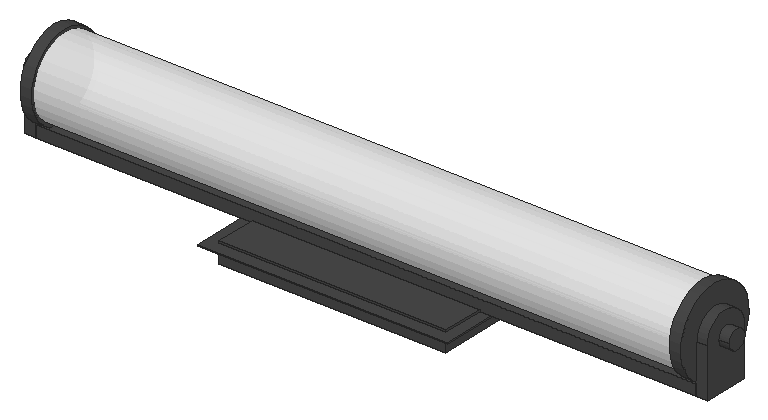
Revit family "3-5002-xx - Tempus (Vanity)", category Lighting Fixtures, host Face, Revit 2018
Family settings
  Host = Face
  Round Connector Dimension = Use Diameter
  Part Type = Normal
  Cut with Voids When Loaded = No
  Light Source = Yes
  Shared = No
  Room Calculation Point = No
Parameters (values of type "3-5002-15 - Tempus")
  Wattage Comments = "21.87 W at 120 V"  # constant formula
  Wattage = 21.87 W
  built-in parameter 1150110 = 1 (stored number, unit not read)
  Voltage Input [instance] = "120 V or 277 V - 50/60 Hz"  # constant formula
  URL = "www.oxygenlighting.com"
  built-in parameter 1114217 = 1 (stored number, unit not read)
  Tilt Angle = 180.00°  # constant formula
  built-in parameter 1150109 = 1 (stored number, unit not read)
  built-in parameter 1150134 = (empty or 0)
  built-in parameter 1150113 = 1 (stored number, unit not read)
  References [instance] = "Ref. 3 = 120 V / Ref. 37 = 277 V"  # constant formula
  Photometric Web File = "3-5002 Tempus Vanity.ies"
  Other 2 = none
  Other 1 = none
  Model = "3-5002-XX - Tempus"  # constant formula
  Metal Finish = 15 - Black
  Manufacturer = "Oxygen - Lighting & Fans"  # constant formula
  Main Diffuser = Matte White Acrylic
  built-in parameter 1150105 = 124.96 (stored number, unit not read)
  Lumens = 1570.27 lm
  built-in parameter 1150115 = 1 (stored number, unit not read)
  built-in parameter 1150137 = (empty or 0)
  built-in parameter 1150139 = (empty or 0)
  built-in parameter 1150112 = 1 (stored number, unit not read)
  built-in parameter 1150114 = 1 (stored number, unit not read)
  Lamp = "LED Array"  # constant formula
  built-in parameter 1150132 = (empty or 0)
  built-in parameter 1150102 = (empty or 0)
  built-in parameter 1150107 = 3000 (stored number, unit not read)
  built-in parameter 1150138 = (empty or 0)
  built-in parameter 1150106 = 1.2496 (stored number, unit not read)
  built-in parameter 1150127 = 1.00"  # constant formula
  Emit from Rectangle Length = 22.00"  # constant formula
  Emit Shape Visible in Rendering = no
  built-in parameter 1150104 = 6.6704 (stored number, unit not read)
  Dimming Lamp Color Temperature Shift = <None>
  Default Elevation = 0.00"
  Color Filter = 16777215
  Emit from Rectangle Width = 12.00"
  built-in parameter 1150133 = 10 (stored number, unit not read)
  2nd Diffuser = none
Types (4): name | Metal Finish
  (no name) | 15 - Black
  3-5002-15 - Tempus | 15 - Black
  3-5002-20 - Tempus | 20 - Polished Nickel
  3-5002-24 - Tempus | 24 - Satin Nickel
Reference planes (in)
  plane 1 "Center (Front/Back)": y = 0
  plane 2: z = 0
  plane 3 "Center (Left/Right)": x = 0
  plane 4 "M.C.": y = 0
  plane 5 "Light Source Height": y = 0
  plane 6 "Light Source Ext.": z = 2
Dimensions and locks (in)
  aligned and locked: plane 2 to host face
  aligned and locked: level to host face
  aligned and locked: imposter light to plane 5 "Light Source Height"
  aligned and locked: plane 6 "Light Source Ext." to imposter light
  aligned and locked: plane 3 "Center (Left/Right)" to imposter light
Nested families (in)
  nested 1: "TEMPUS 5002" at (0, 0, 0), type "TEMPUS 5002"
Definition of nested family "TEMPUS 5002"
  Parameters (values of type "TEMPUS 5002")
    Others 2 = none
    Others 1 = none
    Metal Finish = none
    Main Diffuser = none
    2nd Diffuser = none
  Reference planes (in)
    plane 1 "Center (Front/Back)": y = 0
    plane 2: z = 0
    plane 3 "Center (Left/Right)": x = 0
    plane 4 "Very Bottom": y = -2.66
  Forms (in)
    Extrusion 1, solid, material <- "Metal Finish"
      sketch origin (0, 0, 0) x (1, 0, 0) y (0, 1, 0)
        loop
          line (-3.93701, -2.26) -> (3.93701, -2.26) -> (3.93701, 2.26378) -> (-3.93701, 2.26378) -> (-3.93701, -2.26)
      from 0 to 0.59
    Extrusion 2, solid, material <- "Metal Finish"
      sketch origin (0, 0, 0) x (1, 0, 0) y (0, 1, 0)
        loop
          line (-4.33071, -2.66) -> (4.33071, -2.66) -> (4.33071, 2.65748) -> (-4.33071, 2.65748) -> (-4.33071, -2.66)
      from 0.59 to 0.65
    Extrusion 3, solid, material <- "Metal Finish"
      sketch origin (0, 0, 0) x (1, 0, 0) y (0, 1, 0)
        loop
          line (-11.44, 0.7874) -> (-11.44, -0.7874) -> (11.44, -0.7874) -> (11.44, 0.7874) -> (-11.44, 0.7874)
      from 0.65 to 1.04
    Extrusion 4, solid, material <- "Metal Finish"
      sketch origin (0, 0, 0) x (1, 0, 0) y (0, 1, 0)
        loop
          line (-3.93701, 0.7874) -> (3.93701, 0.7874) -> (3.93701, 2.26378) -> (-3.93701, 2.26378) -> (-3.93701, 0.7874)
        loop
          line (-3.93701, -2.26) -> (3.93701, -2.26) -> (3.93701, -0.7874) -> (-3.93701, -0.7874) -> (-3.93701, -2.26)
      from 0.65 to 0.71
    Extrusion 5, solid, material <- "Metal Finish"
      sketch origin (0, 0, 0) x (0, 1, 0) y (0, 0, 1)
        loop
          arc (0.7874, 2.34685) -> (0, 3.13425) -> (-0.7874, 2.34685) r 0.7874
          line (-0.7874, 2.34685) -> (-0.7874, 0.65) -> (0.7874, 0.65) -> (0.7874, 2.34685)
      from 11.44 to 11.83
    Extrusion 6, solid, material <- "Metal Finish"
      sketch origin (0, 0, 0) x (0, 1, 0) y (0, 0, 1)
        loop
          arc (0.66981, 1.04) -> (0, 3.81535) -> (-0.66981, 1.04) r 1.4685
          line (-0.66981, 1.04) -> (0.66981, 1.04)
      from 11.05 to 11.44
    Extrusion 7, solid, material <- "Metal Finish"
      sketch origin (0, 0, 0) x (0, 1, 0) y (0, 0, 1)
        loop
          circle (0, 2.34685) r 0.32546
      from 11.83 to 12.22
    Extrusion 8, solid, material <- "Main Diffuser"
      sketch origin (0, 0, 0) x (0, 1, 0) y (0, 0, 1)
        loop
          line (-0.62876, 1.12009) -> (-0.56946, 1.23578)
          arc (-0.56946, 1.23578) -> (0, 3.59535) -> (0.56946, 1.23578) r 1.2485
          line (0.56946, 1.23578) -> (0.62876, 1.12009)
          arc (0.62876, 1.12009) -> (0, 3.72535) -> (-0.62876, 1.12009) r 1.3785
      from -11.05 to 11.05
    Extrusion 9, solid, material <- "Metal Finish"
      sketch origin (0, 0, 0) x (0, 1, 0) y (0, 0, -1)
        loop
          line (0.7874, -2.34685) -> (0.7874, -0.65) -> (-0.7874, -0.65) -> (-0.7874, -2.34685)
          arc (-0.7874, -2.34685) -> (0, -3.13425) -> (0.7874, -2.34685) r 0.7874
      from 11.44 to 11.83
    Extrusion 10, solid, material <- "Metal Finish"
      sketch origin (0, 0, 0) x (0, 1, 0) y (0, 0, -1)
        loop
          line (0.66981, -1.04) -> (-0.66981, -1.04)
          arc (-0.66981, -1.04) -> (0, -3.81535) -> (0.66981, -1.04) r 1.4685
      from 11.05 to 11.44
    Extrusion 11, solid, material <- "Metal Finish"
      sketch origin (0, 0, 0) x (0, 1, 0) y (0, 0, -1)
        loop
          circle (0, -2.34685) r 0.32546
      from 11.83 to 12.22
  Lines and regions (in)
    model lines
      curve 1: line (-4, 0, 0) -> (4, 0, 0)
      curve 2: line (0, -4, 0) -> (0, 4, 0)
    symbolic lines
      curve 3: circle (0, 0, 0) r 2 normal (0, 0, 1)
    model lines, not visible
      curve 4: line (-13.0722, 21.77075, 0) -> (-5.0722, 21.77075, 0)
      curve 5: line (-9.0722, 17.77075, 0) -> (-9.0722, 25.77075, 0)
    symbolic lines, not visible
      curve 6: circle (-9.0722, 21.77075, 0) r 2 normal (0, 0, 1)
  Text (in)
    text "M.C." at (0.88973, 1.62995, 0), in view "Ref. Level"
    text "M.C." at (-8.18247, 23.4007, 0), in view "Ref. Level", not visible
  Dimensions and locks (in)
    aligned and locked: plane 2 to level
